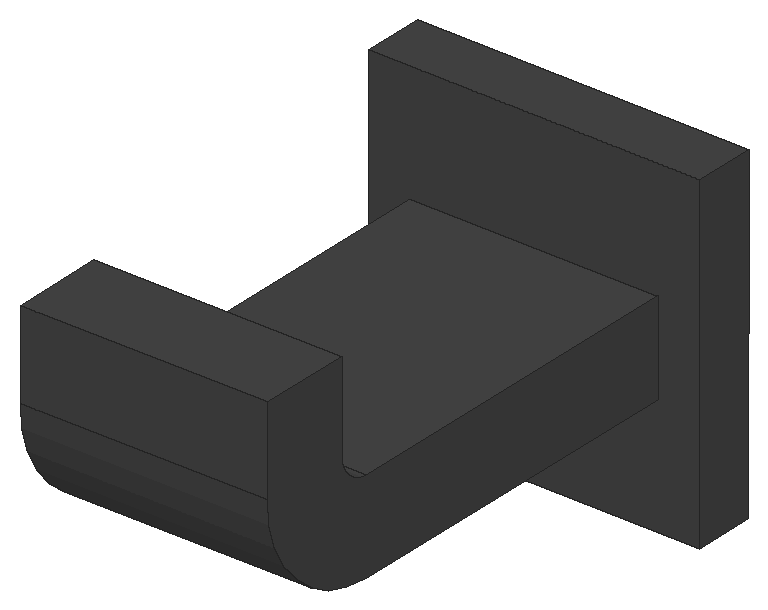
Revit family "Delta Bath Ara 77535", category Plumbing Fixtures, host Wall, Revit 2013
Parameters
  URL = "http://www.deltafaucet.com "
  ROBE HOOK = Stainless Steel
  Model = "77535"
  Manufacturer = "Delta"
  Depth = 3.53139"
Reference planes (in)
  plane 1: y = 0
  plane 2 "Center (Left/Right)": x = 0
  plane 3 "Wall Edge": y = 3
  plane 4: y = -3
  plane 5: y = -3.39
Forms (in)
  Extrusion 1, solid, material "Stainless Steel" <- "ROBE HOOK"
    sketch origin (0, 3, -24.56322) x (1, 0, 0) y (0, 0, 1)
      loop
        line (-1.065, 45) -> (1.065, 45) -> (1.065, 47.13) -> (-1.065, 47.13) -> (-1.065, 45)
    from 6 to 6.39
  Sweep 2, solid, material "Stainless Steel" <- "ROBE HOOK"
    path origin (0, 0, 67.56678) x (0, 1, 0) y (0, 0, -1)
      loop
        line (-3.39, 46.065) -> (-5.7338, 46.065)
        arc (-5.7338, 46.065) -> (-6.08735, 45.91855) -> (-6.2338, 45.565) r 0.5
        line (-6.2338, 45.565) -> (-6.2338, 45)
    profile origin (0, -4.5619, 21.50178) x (0, 0, -1) y (1, 0, 0)
      loop
        line (0.29759, -0.795) -> (0.29759, 0.795) -> (-0.29759, 0.795) -> (-0.29759, -0.795) -> (0.29759, -0.795)
  Extrusion 3, solid, material "Stainless Steel" <- "ROBE HOOK", not visible
    sketch origin (0, 3, -24.56322) x (1, 0, 0) y (0, 0, 1)
      loop
        line (-1.065, 45) -> (1.065, 45) -> (1.065, 47.13) -> (-1.065, 47.13) -> (-1.065, 45)
    from 6 to 6.39
  Sweep 4, solid, material "Stainless Steel" <- "ROBE HOOK", not visible
    path origin (0, 0, 67.56678) x (0, 1, 0) y (0, 0, -1)
      loop
        line (-3.39, 46.065) -> (-5.7338, 46.065)
        arc (-5.7338, 46.065) -> (-6.08735, 45.91855) -> (-6.2338, 45.565) r 0.5
        line (-6.2338, 45.565) -> (-6.2338, 45)
    profile origin (0, -4.5619, 21.50178) x (0, 0, -1) y (1, 0, 0)
      loop
        line (0.29759, -0.795) -> (0.29759, 0.795) -> (-0.29759, 0.795) -> (-0.29759, -0.795) -> (0.29759, -0.795)
Text (in)
  text "Placement Side" at (0, 40.15149, 123.01588), in view "Right"
  text "Placement Side" at (-70.3804, 28.46503, 0), in view "Ref. Level"
  text "Placement Side" at (0, 81.62555, 140.59947), in view "Left"
Dimensions and locks (in)
  locked: plane 3 "Wall Edge" to host wall
  locked: plane 4 to plane 5 at 0.39
  aligned and locked: Extrusion 1 to Sweep 2
  aligned and locked: plane 4 to host wall
  aligned and locked: Extrusion 1 to plane 4
  aligned and locked: plane 5 to Extrusion 1
  aligned and locked: plane 5 to Sweep 2  (x2)
